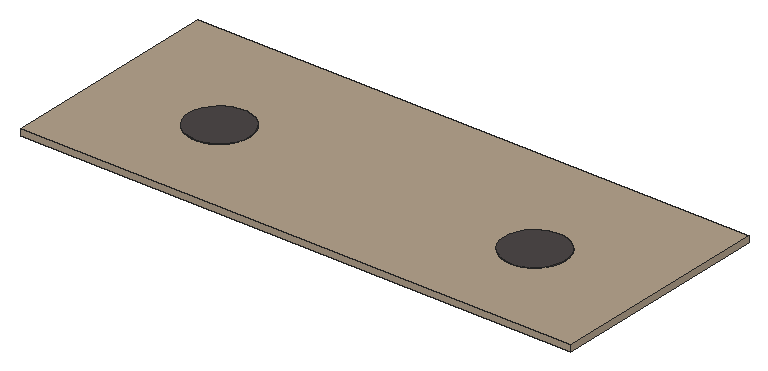
Revit family "console with 2 cutout for bowl without tap hole", category Furniture, Revit 2019
Family settings
  OmniClass Number = 23.21.19.15.33.13
  Work Plane-Based = No
  Always vertical = No
  Cut with Voids When Loaded = No
  Shared = Yes
  Room Calculation Point = No
Parameters (values of type "Console 1360_550 with 2 cutouts for bowl without tap hole-54118230-NATURAL_OAK-200")
  WEIGHT = "12"
  UNSPSC = "56 | Furniture and Furnishings"
  UNIFORMATII = "E2010 | Fixed Furnishings"
  UNICLASS2015 = "Pr_40_20_76_94 | Vanity units"
  SURFACE = "NATURAL_OAK"
  SPECIFICATION = "Surfaces:    - 54118050 High Gloss White  - 54118910 Diamond Matt Grey  - 54118230 Natural Oak  - 54118630 Dark Walnut      Specification:"
  REGIONSET = "Worldwide"
  R = 75
  PRODUCTURL = "https://pro.hansgrohe.com/articledetail--54118050"
  PRODUCTGROUP = "console"
  PRODUCTFAMILY = "Xelu Q"
  PERMALINK = "54118XXX"
  OMNICLASS = "23-19 31 17 11 | Bathroom Units"
  OBJECTTYPE = "Object (single object)"
  NN = "Console with 2 cutout for bowl without tap hole"
  NBSYN = "$BASENUMBER.-$ARTNR.-$SURFACE.-$LODLEVEL."
  NB = "Console 1360/550 with 2 cutouts for bowl without tap hole-54118230-NATURAL_OAK-200"
  NAME = "Xelu Q Console 1360/550 with 2 cutouts for bowl without tap hole"
  Model = "Console 1360/550 with 2 cutouts for bowl without tap hole-54118230-NATURAL_OAK-200"
  Manufacturer = "Hansgrohe"
  MIdent = "{$CADENAS_DATA/23d-libs/hansgrohe/xelu_furniture/console_with_cutout_for_bowl_without_tap_hole/console_with_2_cutout_for_bowl_without_taphole.prj},353 {VTYP=3D},{NB=Console 1360/550 with 2 cutouts for bowl without tap hole-54118230-NATURAL_OAK-200},{LINA=Console 1360/550 with 2 cutouts for bowl without tap hole-54118230-NATURAL_OAK-200},{NN=Console with 2 cutout for bowl without tap hole},{DATE=10.03.2023 08:15:32},{GEOMDATE=08.03.2023 13:15:05},{VERSION=},{LINEID=20},{WBVAR=LODLEVEL},{WBNUMERIC=}  {NB=Console 1360/550 with 2 cutouts for bowl without tap hole-54118230-NATURAL_OAK-200},{LINA=Console 1360/550 with 2 cutouts for bowl without tap hole-54118230-NATURAL_OAK-200},{KT=DUMMY},{IDNR=2},{ARTNR=54118230},{BASENUMBER=Console 1360/550 with 2 cutouts for bowl without tap hole},{MODEL=54118XXX},{SURFACE=NATURAL_OAK},{L=1360},{LODLEVEL=200},{LODLEVELX='400','400','200','200'},{R=75},{LC=390},{NAME=Xelu Q Console 1360/550 with 2 cutouts for bowl without tap hole},{PERMALINK=54118XXX},{OBJECTTYPE=Object (single object)},{BIMOBJECT=Sanitary: Compound units},{PRODUCTFAMILY=Xelu Q},{PRODUCTGROUP=console},{WEIGHT=12},{DESCRIPTION=Xelu Q Console 1360/550 with 2 cutouts for bowl without tap hole},{SPECIFICATION=Surfaces:    - 54118050 High Gloss White  - 54118910 Diamond Matt Grey  - 54118230 Natural Oak  - 54118630 Dark Walnut      Specification:},{PRODUCTURL=https://pro.hansgrohe.com/articledetail--54118050},{GTINCODE=4059625457733},{TENDERURL=},{IFC=Furnishing element},{ETIM=EC011381 | Bathroom furniture set},{UNICLASS2015=Pr_40_20_76_94 | Vanity units},{OMNICLASS=23-19 31 17 11 | Bathroom Units},{MASTERFORMAT=12 35 30.23 | Bathroom Casework},{UNSPSC=56 | Furniture and Furnishings},{UNIFORMATII=E2010 | Fixed Furnishings},{REGIONSET=Worldwide},{DESIGN=Germany},{MANUFACTURER=Germany}"
  MASTERFORMAT = "12 35 30.23 | Bathroom Casework"
  LODLEVEL = "200"
  LINA = "Console 1360/550 with 2 cutouts for bowl without tap hole-54118230-NATURAL_OAK-200"
  LC = 390
  L = 1360
  IFC = "Furnishing element"
  GTINCODE = "4059625457733"
  ETIM = "EC011381 | Bathroom furniture set"
  DESIGN = "Germany"
  Console 1560_550 with 2 cutouts for bowl without tap hole-54119910-DIAMOND_GREY-400_RX0RY0RZ0TX0TY0TZ0_V = no
  Console 1560_550 with 2 cutouts for bowl without tap hole-54119910-DIAMOND_GREY-200_RX0RY0RZ0TX0TY0TZ0_V = no
  Console 1560_550 with 2 cutouts for bowl without tap hole-54119630-DARK_WALNUT-400_RX0RY0RZ0TX0TY0TZ0_V = no
  Console 1560_550 with 2 cutouts for bowl without tap hole-54119630-DARK_WALNUT-200_RX0RY0RZ0TX0TY0TZ0_V = no
  Console 1560_550 with 2 cutouts for bowl without tap hole-54119230-NATURAL_OAK-400_RX0RY0RZ0TX0TY0TZ0_V = no
  Console 1560_550 with 2 cutouts for bowl without tap hole-54119230-NATURAL_OAK-200_RX0RY0RZ0TX0TY0TZ0_V = no
  Console 1560_550 with 2 cutouts for bowl without tap hole-54119050-GLOSSY_WHITE-400_RX0RY0RZ0TX0TY0TZ0_V = no
  Console 1560_550 with 2 cutouts for bowl without tap hole-54119050-GLOSSY_WHITE-200_RX0RY0RZ0TX0TY0TZ0_V = no
  Console 1360_550 with 2 cutouts for bowl without tap hole-54118910-DIAMOND_GREY-400_RX0RY0RZ0TX0TY0TZ0_V = no
  Console 1360_550 with 2 cutouts for bowl without tap hole-54118910-DIAMOND_GREY-200_RX0RY0RZ0TX0TY0TZ0_V = no
  Console 1360_550 with 2 cutouts for bowl without tap hole-54118630-DARK_WALNUT-400_RX0RY0RZ0TX0TY0TZ0_V = no
  Console 1360_550 with 2 cutouts for bowl without tap hole-54118630-DARK_WALNUT-200_RX0RY0RZ0TX0TY0TZ0_V = no
  Console 1360_550 with 2 cutouts for bowl without tap hole-54118230-NATURAL_OAK-400_RX0RY0RZ0TX0TY0TZ0_V = no
  Console 1360_550 with 2 cutouts for bowl without tap hole-54118230-NATURAL_OAK-200_RX0RY0RZ0TX0TY0TZ0_V = yes
  Console 1360_550 with 2 cutouts for bowl without tap hole-54118050-GLOSSY_WHITE-400_RX0RY0RZ0TX0TY0TZ0_V = no
  Console 1360_550 with 2 cutouts for bowl without tap hole-54118050-GLOSSY_WHITE-200_RX0RY0RZ0TX0TY0TZ0_V = no
  CATALOG = "Hansgrohe"
  BIMOBJECT = "Sanitary: Compound units"
  BASENUMBER = "Console 1360/550 with 2 cutouts for bowl without tap hole"
  ARTNR = "54118230"
Reference planes
  plane 1 "Center (Front/Back)": y = 0
  plane 2: z = 0
  plane 3 "Center (Left/Right)": x = 0
Dimensions and locks
  aligned and locked: level to plane 2
Nested families
  nested 1: "console 1360_550 with 2 cutouts for bowl without tap hole-54118050-glossy_white-200_content" at (0, 0, 0), visible <- "Console 1360_550 with 2 cutouts for bowl without tap hole-54118050-GLOSSY_WHITE-200_RX0RY0RZ0TX0TY0TZ0_V", ContentVisible <- "Console 1360_550 with 2 cutouts for bowl without tap hole-54118050-GLOSSY_WHITE-200_RX0RY0RZ0TX0TY0TZ0_V", type "Console 1360_550 with 2 cutouts for bowl without tap hole-54118050-GLOSSY_WHITE-200_Content"
    with ContentVisible no
  nested 2: "console 1360_550 with 2 cutouts for bowl without tap hole-54118050-glossy_white-400_content" at (0, 0, 0), visible <- "Console 1360_550 with 2 cutouts for bowl without tap hole-54118050-GLOSSY_WHITE-400_RX0RY0RZ0TX0TY0TZ0_V", ContentVisible <- "Console 1360_550 with 2 cutouts for bowl without tap hole-54118050-GLOSSY_WHITE-400_RX0RY0RZ0TX0TY0TZ0_V", type "Console 1360_550 with 2 cutouts for bowl without tap hole-54118050-GLOSSY_WHITE-400_Content"
    with ContentVisible no
  nested 3: "console 1360_550 with 2 cutouts for bowl without tap hole-54118230-natural_oak-200_content" at (0, 0, 0), visible <- "Console 1360_550 with 2 cutouts for bowl without tap hole-54118230-NATURAL_OAK-200_RX0RY0RZ0TX0TY0TZ0_V", ContentVisible <- "Console 1360_550 with 2 cutouts for bowl without tap hole-54118230-NATURAL_OAK-200_RX0RY0RZ0TX0TY0TZ0_V", type "Console 1360_550 with 2 cutouts for bowl without tap hole-54118230-NATURAL_OAK-200_Content"
    with ContentVisible yes
  nested 4: "console 1360_550 with 2 cutouts for bowl without tap hole-54118230-natural_oak-400_content" at (0, 0, 0), visible <- "Console 1360_550 with 2 cutouts for bowl without tap hole-54118230-NATURAL_OAK-400_RX0RY0RZ0TX0TY0TZ0_V", ContentVisible <- "Console 1360_550 with 2 cutouts for bowl without tap hole-54118230-NATURAL_OAK-400_RX0RY0RZ0TX0TY0TZ0_V", type "Console 1360_550 with 2 cutouts for bowl without tap hole-54118230-NATURAL_OAK-400_Content"
    with ContentVisible no
  nested 5: "console 1360_550 with 2 cutouts for bowl without tap hole-54118630-dark_walnut-200_content" at (0, 0, 0), visible <- "Console 1360_550 with 2 cutouts for bowl without tap hole-54118630-DARK_WALNUT-200_RX0RY0RZ0TX0TY0TZ0_V", ContentVisible <- "Console 1360_550 with 2 cutouts for bowl without tap hole-54118630-DARK_WALNUT-200_RX0RY0RZ0TX0TY0TZ0_V", type "Console 1360_550 with 2 cutouts for bowl without tap hole-54118630-DARK_WALNUT-200_Content"
    with ContentVisible no
  nested 6: "console 1360_550 with 2 cutouts for bowl without tap hole-54118630-dark_walnut-400_content" at (0, 0, 0), visible <- "Console 1360_550 with 2 cutouts for bowl without tap hole-54118630-DARK_WALNUT-400_RX0RY0RZ0TX0TY0TZ0_V", ContentVisible <- "Console 1360_550 with 2 cutouts for bowl without tap hole-54118630-DARK_WALNUT-400_RX0RY0RZ0TX0TY0TZ0_V", type "Console 1360_550 with 2 cutouts for bowl without tap hole-54118630-DARK_WALNUT-400_Content"
    with ContentVisible no
  nested 7: "console 1360_550 with 2 cutouts for bowl without tap hole-54118910-diamond_grey-200_content" at (0, 0, 0), visible <- "Console 1360_550 with 2 cutouts for bowl without tap hole-54118910-DIAMOND_GREY-200_RX0RY0RZ0TX0TY0TZ0_V", ContentVisible <- "Console 1360_550 with 2 cutouts for bowl without tap hole-54118910-DIAMOND_GREY-200_RX0RY0RZ0TX0TY0TZ0_V", type "Console 1360_550 with 2 cutouts for bowl without tap hole-54118910-DIAMOND_GREY-200_Content"
    with ContentVisible no
  nested 8: "console 1360_550 with 2 cutouts for bowl without tap hole-54118910-diamond_grey-400_content" at (0, 0, 0), visible <- "Console 1360_550 with 2 cutouts for bowl without tap hole-54118910-DIAMOND_GREY-400_RX0RY0RZ0TX0TY0TZ0_V", ContentVisible <- "Console 1360_550 with 2 cutouts for bowl without tap hole-54118910-DIAMOND_GREY-400_RX0RY0RZ0TX0TY0TZ0_V", type "Console 1360_550 with 2 cutouts for bowl without tap hole-54118910-DIAMOND_GREY-400_Content"
    with ContentVisible no
  nested 9: "console 1560_550 with 2 cutouts for bowl without tap hole-54119050-glossy_white-200_content" at (0, 0, 0), visible <- "Console 1560_550 with 2 cutouts for bowl without tap hole-54119050-GLOSSY_WHITE-200_RX0RY0RZ0TX0TY0TZ0_V", ContentVisible <- "Console 1560_550 with 2 cutouts for bowl without tap hole-54119050-GLOSSY_WHITE-200_RX0RY0RZ0TX0TY0TZ0_V", type "Console 1560_550 with 2 cutouts for bowl without tap hole-54119050-GLOSSY_WHITE-200_Content"
    with ContentVisible no
  nested 10: "console 1560_550 with 2 cutouts for bowl without tap hole-54119050-glossy_white-400_content" at (0, 0, 0), visible <- "Console 1560_550 with 2 cutouts for bowl without tap hole-54119050-GLOSSY_WHITE-400_RX0RY0RZ0TX0TY0TZ0_V", ContentVisible <- "Console 1560_550 with 2 cutouts for bowl without tap hole-54119050-GLOSSY_WHITE-400_RX0RY0RZ0TX0TY0TZ0_V", type "Console 1560_550 with 2 cutouts for bowl without tap hole-54119050-GLOSSY_WHITE-400_Content"
    with ContentVisible no
  nested 11: "console 1560_550 with 2 cutouts for bowl without tap hole-54119230-natural_oak-200_content" at (0, 0, 0), visible <- "Console 1560_550 with 2 cutouts for bowl without tap hole-54119230-NATURAL_OAK-200_RX0RY0RZ0TX0TY0TZ0_V", ContentVisible <- "Console 1560_550 with 2 cutouts for bowl without tap hole-54119230-NATURAL_OAK-200_RX0RY0RZ0TX0TY0TZ0_V", type "Console 1560_550 with 2 cutouts for bowl without tap hole-54119230-NATURAL_OAK-200_Content"
    with ContentVisible no
  nested 12: "console 1560_550 with 2 cutouts for bowl without tap hole-54119230-natural_oak-400_content" at (0, 0, 0), visible <- "Console 1560_550 with 2 cutouts for bowl without tap hole-54119230-NATURAL_OAK-400_RX0RY0RZ0TX0TY0TZ0_V", ContentVisible <- "Console 1560_550 with 2 cutouts for bowl without tap hole-54119230-NATURAL_OAK-400_RX0RY0RZ0TX0TY0TZ0_V", type "Console 1560_550 with 2 cutouts for bowl without tap hole-54119230-NATURAL_OAK-400_Content"
    with ContentVisible no
  nested 13: "console 1560_550 with 2 cutouts for bowl without tap hole-54119630-dark_walnut-200_content" at (0, 0, 0), visible <- "Console 1560_550 with 2 cutouts for bowl without tap hole-54119630-DARK_WALNUT-200_RX0RY0RZ0TX0TY0TZ0_V", ContentVisible <- "Console 1560_550 with 2 cutouts for bowl without tap hole-54119630-DARK_WALNUT-200_RX0RY0RZ0TX0TY0TZ0_V", type "Console 1560_550 with 2 cutouts for bowl without tap hole-54119630-DARK_WALNUT-200_Content"
    with ContentVisible no
  nested 14: "console 1560_550 with 2 cutouts for bowl without tap hole-54119630-dark_walnut-400_content" at (0, 0, 0), visible <- "Console 1560_550 with 2 cutouts for bowl without tap hole-54119630-DARK_WALNUT-400_RX0RY0RZ0TX0TY0TZ0_V", ContentVisible <- "Console 1560_550 with 2 cutouts for bowl without tap hole-54119630-DARK_WALNUT-400_RX0RY0RZ0TX0TY0TZ0_V", type "Console 1560_550 with 2 cutouts for bowl without tap hole-54119630-DARK_WALNUT-400_Content"
    with ContentVisible no
  nested 15: "console 1560_550 with 2 cutouts for bowl without tap hole-54119910-diamond_grey-200_content" at (0, 0, 0), visible <- "Console 1560_550 with 2 cutouts for bowl without tap hole-54119910-DIAMOND_GREY-200_RX0RY0RZ0TX0TY0TZ0_V", ContentVisible <- "Console 1560_550 with 2 cutouts for bowl without tap hole-54119910-DIAMOND_GREY-200_RX0RY0RZ0TX0TY0TZ0_V", type "Console 1560_550 with 2 cutouts for bowl without tap hole-54119910-DIAMOND_GREY-200_Content"
    with ContentVisible no
  nested 16: "console 1560_550 with 2 cutouts for bowl without tap hole-54119910-diamond_grey-400_content" at (0, 0, 0), visible <- "Console 1560_550 with 2 cutouts for bowl without tap hole-54119910-DIAMOND_GREY-400_RX0RY0RZ0TX0TY0TZ0_V", ContentVisible <- "Console 1560_550 with 2 cutouts for bowl without tap hole-54119910-DIAMOND_GREY-400_RX0RY0RZ0TX0TY0TZ0_V", type "Console 1560_550 with 2 cutouts for bowl without tap hole-54119910-DIAMOND_GREY-400_Content"
    with ContentVisible no
Definition of nested family "console 1360_550 with 2 cutouts for bowl without tap hole-54118230-natural_oak-200_content"
  Parameters (values of type "Console 1360_550 with 2 cutouts for bowl without tap hole-54118230-NATURAL_OAK-200_Content")
    WEIGHT = "12"
    UNSPSC = "56 | Furniture and Furnishings"
    UNIFORMATII = "E2010 | Fixed Furnishings"
    UNICLASS2015 = "Pr_40_20_76_94 | Vanity units"
    SURFACE = "NATURAL_OAK"
    SPECIFICATION = "Surfaces:    - 54118050 High Gloss White  - 54118910 Diamond Matt Grey  - 54118230 Natural Oak  - 54118630 Dark Walnut      Specification:"
    REGIONSET = "Worldwide"
    R = 75
    PRODUCTURL = "https://pro.hansgrohe.com/articledetail--54118050"
    PRODUCTGROUP = "console"
    PRODUCTFAMILY = "Xelu Q"
    PERMALINK = "54118XXX"
    OMNICLASS = "23-19 31 17 11 | Bathroom Units"
    OBJECTTYPE = "Object (single object)"
    NN = "Console with 2 cutout for bowl without tap hole"
    NBSYN = "$BASENUMBER.-$ARTNR.-$SURFACE.-$LODLEVEL."
    NB = "Console 1360/550 with 2 cutouts for bowl without tap hole-54118230-NATURAL_OAK-200"
    NAME = "Xelu Q Console 1360/550 with 2 cutouts for bowl without tap hole"
    Model = "Console 1360/550 with 2 cutouts for bowl without tap hole-54118230-NATURAL_OAK-200"
    Manufacturer = "Hansgrohe"
    MASTERFORMAT = "12 35 30.23 | Bathroom Casework"
    LODLEVEL = "200"
    LINA = "Console 1360/550 with 2 cutouts for bowl without tap hole-54118230-NATURAL_OAK-200"
    LC = 390
    L = 1360
    IFC = "Furnishing element"
    GTINCODE = "4059625457733"
    ETIM = "EC011381 | Bathroom furniture set"
    Default Elevation = 1219.2 mm
    DESIGN = "Germany"
    ContentVisible [instance] = yes
    CATALOG = "Hansgrohe"
    BIMOBJECT = "Sanitary: Compound units"
    BASENUMBER = "Console 1360/550 with 2 cutouts for bowl without tap hole"
    ARTNR = "54118230"
  Reference planes
    plane 1 "Center (Front/Back)": y = 0
    plane 2: z = 0
    plane 3 "Center (Left/Right)": x = 0
  Forms (mm)
    Extrusion 1, solid, visible <- "ContentVisible", detail levels medium+fine
      sketch origin (0, 0, 0.5) x (1, 0, 0) y (0, 1, 0)
        loop
          line (-680, 0) -> (-680, -550) -> (680, -550) -> (680, 0) -> (-680, 0)
      from 0 to 15
    Extrusion 2, solid, visible <- "ContentVisible", detail levels medium+fine
      sketch origin (0, 0, 0) x (1, 0, 0) y (0, 1, 0)
        loop
          circle (390, -297.5) r 75
      from 0 to 16
    Extrusion 3, solid, visible <- "ContentVisible", detail levels medium+fine
      sketch origin (0, 0, 0) x (1, 0, 0) y (0, 1, 0)
        loop
          circle (-390, -297.5) r 75
      from 0 to 16
    Extrusion 4, solid, visible <- "ContentVisible", detail levels coarse
      sketch origin (0, -275, 0) x (1, 0, 0) y (0, 1, 0)
        loop
          line (-680, -275) -> (680, -275) -> (680, 275) -> (-680, 275) -> (-680, -275)
      from 0 to 16
  Dimensions and locks
    aligned and locked: level to plane 2
Definition of nested family "console 1360_550 with 2 cutouts for bowl without tap hole-54118050-glossy_white-200_content"
  Parameters (values of type "Console 1360_550 with 2 cutouts for bowl without tap hole-54118050-GLOSSY_WHITE-200_Content")
    WEIGHT = "12"
    UNSPSC = "56 | Furniture and Furnishings"
    UNIFORMATII = "E2010 | Fixed Furnishings"
    UNICLASS2015 = "Pr_40_20_76_94 | Vanity units"
    SURFACE = "GLOSSY_WHITE"
    SPECIFICATION = "Surfaces:    - 54118050 High Gloss White  - 54118910 Diamond Matt Grey  - 54118230 Natural Oak  - 54118630 Dark Walnut      Specification:"
    REGIONSET = "Worldwide"
    R = 75
    PRODUCTURL = "https://pro.hansgrohe.com/articledetail--54118050"
    PRODUCTGROUP = "console"
    PRODUCTFAMILY = "Xelu Q"
    PERMALINK = "54118XXX"
    OMNICLASS = "23-19 31 17 11 | Bathroom Units"
    OBJECTTYPE = "Object (single object)"
    NN = "Console with 2 cutout for bowl without tap hole"
    NBSYN = "$BASENUMBER.-$ARTNR.-$SURFACE.-$LODLEVEL."
    NB = "Console 1360/550 with 2 cutouts for bowl without tap hole-54118050-GLOSSY_WHITE-200"
    NAME = "Xelu Q Console 1360/550 with 2 cutouts for bowl without tap hole"
    Model = "Console 1360/550 with 2 cutouts for bowl without tap hole-54118050-GLOSSY_WHITE-200"
    Manufacturer = "Hansgrohe"
    MASTERFORMAT = "12 35 30.23 | Bathroom Casework"
    LODLEVEL = "200"
    LINA = "Console 1360/550 with 2 cutouts for bowl without tap hole-54118050-GLOSSY_WHITE-200"
    LC = 390
    L = 1360
    IFC = "Furnishing element"
    GTINCODE = "4059625457733"
    ETIM = "EC011381 | Bathroom furniture set"
    Default Elevation = 1219.2 mm
    DESIGN = "Germany"
    ContentVisible [instance] = yes
    CATALOG = "Hansgrohe"
    BIMOBJECT = "Sanitary: Compound units"
    BASENUMBER = "Console 1360/550 with 2 cutouts for bowl without tap hole"
    ARTNR = "54118050"
  Reference planes
    plane 1 "Center (Front/Back)": y = 0
    plane 2: z = 0
    plane 3 "Center (Left/Right)": x = 0
  Forms (mm)
    Extrusion 1, solid, visible <- "ContentVisible", detail levels medium+fine
      sketch origin (0, 0, 0.5) x (1, 0, 0) y (0, 1, 0)
        loop
          line (-680, 0) -> (-680, -550) -> (680, -550) -> (680, 0) -> (-680, 0)
      from 0 to 15
    Extrusion 2, solid, visible <- "ContentVisible", detail levels medium+fine
      sketch origin (0, 0, 0) x (1, 0, 0) y (0, 1, 0)
        loop
          circle (390, -297.5) r 75
      from 0 to 16
    Extrusion 3, solid, visible <- "ContentVisible", detail levels medium+fine
      sketch origin (0, 0, 0) x (1, 0, 0) y (0, 1, 0)
        loop
          circle (-390, -297.5) r 75
      from 0 to 16
    Extrusion 4, solid, visible <- "ContentVisible", detail levels coarse
      sketch origin (0, -275, 0) x (1, 0, 0) y (0, 1, 0)
        loop
          line (-680, -275) -> (680, -275) -> (680, 275) -> (-680, 275) -> (-680, -275)
      from 0 to 16
  Dimensions and locks
    aligned and locked: level to plane 2
Definition of nested family "console 1360_550 with 2 cutouts for bowl without tap hole-54118050-glossy_white-400_content"
  Parameters (values of type "Console 1360_550 with 2 cutouts for bowl without tap hole-54118050-GLOSSY_WHITE-400_Content")
    WEIGHT = "12"
    UNSPSC = "56 | Furniture and Furnishings"
    UNIFORMATII = "E2010 | Fixed Furnishings"
    UNICLASS2015 = "Pr_40_20_76_94 | Vanity units"
    SURFACE = "GLOSSY_WHITE"
    SPECIFICATION = "Surfaces:    - 54118050 High Gloss White  - 54118910 Diamond Matt Grey  - 54118230 Natural Oak  - 54118630 Dark Walnut      Specification:"
    REGIONSET = "Worldwide"
    R = 75
    PRODUCTURL = "https://pro.hansgrohe.com/articledetail--54118050"
    PRODUCTGROUP = "console"
    PRODUCTFAMILY = "Xelu Q"
    PERMALINK = "54118XXX"
    OMNICLASS = "23-19 31 17 11 | Bathroom Units"
    OBJECTTYPE = "Object (single object)"
    NN = "Console with 2 cutout for bowl without tap hole"
    NBSYN = "$BASENUMBER.-$ARTNR.-$SURFACE.-$LODLEVEL."
    NB = "Console 1360/550 with 2 cutouts for bowl without tap hole-54118050-GLOSSY_WHITE-400"
    NAME = "Xelu Q Console 1360/550 with 2 cutouts for bowl without tap hole"
    Model = "Console 1360/550 with 2 cutouts for bowl without tap hole-54118050-GLOSSY_WHITE-400"
    Manufacturer = "Hansgrohe"
    MASTERFORMAT = "12 35 30.23 | Bathroom Casework"
    LODLEVEL = "400"
    LINA = "Console 1360/550 with 2 cutouts for bowl without tap hole-54118050-GLOSSY_WHITE-400"
    LC = 390
    L = 1360
    IFC = "Furnishing element"
    GTINCODE = "4059625457733"
    ETIM = "EC011381 | Bathroom furniture set"
    Default Elevation = 1219.2 mm
    DESIGN = "Germany"
    ContentVisible [instance] = yes
    CATALOG = "Hansgrohe"
    BIMOBJECT = "Sanitary: Compound units"
    BASENUMBER = "Console 1360/550 with 2 cutouts for bowl without tap hole"
    ARTNR = "54118050"
  Reference planes
    plane 1 "Center (Front/Back)": y = 0
    plane 2: z = 0
    plane 3 "Center (Left/Right)": x = 0
  Forms (mm)
    Extrusion 1, solid, visible <- "ContentVisible", detail levels medium+fine
      sketch origin (0, 0, 0) x (1, 0, 0) y (0, 1, 0)
        loop
          line (-680, 0) -> (-680, -297.5) -> (-562, -297.5) -> (-562, -260)
          arc (-562, -260) -> (-555, -253) -> (-548, -260) r 7
          line (-548, -260) -> (-548, -297.5) -> (-465, -297.5)
          arc (-465, -297.5) -> (-390, -222.5) -> (-315, -297.5) r 75
          line (-315, -297.5) -> (-232, -297.5) -> (-232, -260)
          arc (-232, -260) -> (-225, -253) -> (-218, -260) r 7
          line (-218, -260) -> (-218, -297.5) -> (218, -297.5) -> (218, -260)
          arc (218, -260) -> (225, -253) -> (232, -260) r 7
          line (232, -260) -> (232, -297.5) -> (315, -297.5)
          arc (315, -297.5) -> (390, -222.5) -> (465, -297.5) r 75
          line (465, -297.5) -> (548, -297.5) -> (548, -260)
          arc (548, -260) -> (555, -253) -> (562, -260) r 7
          line (562, -260) -> (562, -297.5) -> (680, -297.5) -> (680, 0) -> (-680, 0)
      from 0 to 16
    Extrusion 2, solid, visible <- "ContentVisible", detail levels medium+fine
      sketch origin (0, 0, 0) x (1, 0, 0) y (0, 1, 0)
        loop
          line (-680, -297.5) -> (-680, -532)
          arc (-680, -532) -> (-674.728, -544.728) -> (-662, -550) r 18
          line (-662, -550) -> (662, -550)
          arc (662, -550) -> (674.728, -544.728) -> (680, -532) r 18
          line (680, -532) -> (680, -297.5) -> (562, -297.5) -> (562, -335)
          arc (562, -335) -> (555, -342) -> (548, -335) r 7
          line (548, -335) -> (548, -297.5) -> (465, -297.5)
          arc (465, -297.5) -> (390, -372.5) -> (315, -297.5) r 75
          line (315, -297.5) -> (232, -297.5) -> (232, -335)
          arc (232, -335) -> (225, -342) -> (218, -335) r 7
          line (218, -335) -> (218, -297.5) -> (-218, -297.5) -> (-218, -335)
          arc (-218, -335) -> (-225, -342) -> (-232, -335) r 7
          line (-232, -335) -> (-232, -297.5) -> (-315, -297.5)
          arc (-315, -297.5) -> (-390, -372.5) -> (-465, -297.5) r 75
          line (-465, -297.5) -> (-548, -297.5) -> (-548, -335)
          arc (-548, -335) -> (-555, -342) -> (-562, -335) r 7
          line (-562, -335) -> (-562, -297.5) -> (-680, -297.5)
      from 0 to 16
    Extrusion 3, solid, visible <- "ContentVisible", detail levels coarse
      sketch origin (0, -275, 0) x (1, 0, 0) y (0, 1, 0)
        loop
          line (-680, -275) -> (680, -275) -> (680, 275) -> (-680, 275) -> (-680, -275)
      from 0 to 16
  Dimensions and locks
    aligned and locked: level to plane 2
Definition of nested family "console 1360_550 with 2 cutouts for bowl without tap hole-54118230-natural_oak-400_content"
  Parameters (values of type "Console 1360_550 with 2 cutouts for bowl without tap hole-54118230-NATURAL_OAK-400_Content")
    WEIGHT = "12"
    UNSPSC = "56 | Furniture and Furnishings"
    UNIFORMATII = "E2010 | Fixed Furnishings"
    UNICLASS2015 = "Pr_40_20_76_94 | Vanity units"
    SURFACE = "NATURAL_OAK"
    SPECIFICATION = "Surfaces:    - 54118050 High Gloss White  - 54118910 Diamond Matt Grey  - 54118230 Natural Oak  - 54118630 Dark Walnut      Specification:"
    REGIONSET = "Worldwide"
    R = 75
    PRODUCTURL = "https://pro.hansgrohe.com/articledetail--54118050"
    PRODUCTGROUP = "console"
    PRODUCTFAMILY = "Xelu Q"
    PERMALINK = "54118XXX"
    OMNICLASS = "23-19 31 17 11 | Bathroom Units"
    OBJECTTYPE = "Object (single object)"
    NN = "Console with 2 cutout for bowl without tap hole"
    NBSYN = "$BASENUMBER.-$ARTNR.-$SURFACE.-$LODLEVEL."
    NB = "Console 1360/550 with 2 cutouts for bowl without tap hole-54118230-NATURAL_OAK-400"
    NAME = "Xelu Q Console 1360/550 with 2 cutouts for bowl without tap hole"
    Model = "Console 1360/550 with 2 cutouts for bowl without tap hole-54118230-NATURAL_OAK-400"
    Manufacturer = "Hansgrohe"
    MASTERFORMAT = "12 35 30.23 | Bathroom Casework"
    LODLEVEL = "400"
    LINA = "Console 1360/550 with 2 cutouts for bowl without tap hole-54118230-NATURAL_OAK-400"
    LC = 390
    L = 1360
    IFC = "Furnishing element"
    GTINCODE = "4059625457733"
    ETIM = "EC011381 | Bathroom furniture set"
    Default Elevation = 1219.2 mm
    DESIGN = "Germany"
    ContentVisible [instance] = yes
    CATALOG = "Hansgrohe"
    BIMOBJECT = "Sanitary: Compound units"
    BASENUMBER = "Console 1360/550 with 2 cutouts for bowl without tap hole"
    ARTNR = "54118230"
  Reference planes
    plane 1 "Center (Front/Back)": y = 0
    plane 2: z = 0
    plane 3 "Center (Left/Right)": x = 0
  Forms (mm)
    Extrusion 1, solid, visible <- "ContentVisible", detail levels medium+fine
      sketch origin (0, 0, 0) x (1, 0, 0) y (0, 1, 0)
        loop
          line (-680, 0) -> (-680, -297.5) -> (-562, -297.5) -> (-562, -260)
          arc (-562, -260) -> (-555, -253) -> (-548, -260) r 7
          line (-548, -260) -> (-548, -297.5) -> (-465, -297.5)
          arc (-465, -297.5) -> (-390, -222.5) -> (-315, -297.5) r 75
          line (-315, -297.5) -> (-232, -297.5) -> (-232, -260)
          arc (-232, -260) -> (-225, -253) -> (-218, -260) r 7
          line (-218, -260) -> (-218, -297.5) -> (218, -297.5) -> (218, -260)
          arc (218, -260) -> (225, -253) -> (232, -260) r 7
          line (232, -260) -> (232, -297.5) -> (315, -297.5)
          arc (315, -297.5) -> (390, -222.5) -> (465, -297.5) r 75
          line (465, -297.5) -> (548, -297.5) -> (548, -260)
          arc (548, -260) -> (555, -253) -> (562, -260) r 7
          line (562, -260) -> (562, -297.5) -> (680, -297.5) -> (680, 0) -> (-680, 0)
      from 0 to 16
    Extrusion 2, solid, visible <- "ContentVisible", detail levels medium+fine
      sketch origin (0, 0, 0) x (1, 0, 0) y (0, 1, 0)
        loop
          line (-680, -297.5) -> (-680, -532)
          arc (-680, -532) -> (-674.728, -544.728) -> (-662, -550) r 18
          line (-662, -550) -> (662, -550)
          arc (662, -550) -> (674.728, -544.728) -> (680, -532) r 18
          line (680, -532) -> (680, -297.5) -> (562, -297.5) -> (562, -335)
          arc (562, -335) -> (555, -342) -> (548, -335) r 7
          line (548, -335) -> (548, -297.5) -> (465, -297.5)
          arc (465, -297.5) -> (390, -372.5) -> (315, -297.5) r 75
          line (315, -297.5) -> (232, -297.5) -> (232, -335)
          arc (232, -335) -> (225, -342) -> (218, -335) r 7
          line (218, -335) -> (218, -297.5) -> (-218, -297.5) -> (-218, -335)
          arc (-218, -335) -> (-225, -342) -> (-232, -335) r 7
          line (-232, -335) -> (-232, -297.5) -> (-315, -297.5)
          arc (-315, -297.5) -> (-390, -372.5) -> (-465, -297.5) r 75
          line (-465, -297.5) -> (-548, -297.5) -> (-548, -335)
          arc (-548, -335) -> (-555, -342) -> (-562, -335) r 7
          line (-562, -335) -> (-562, -297.5) -> (-680, -297.5)
      from 0 to 16
    Extrusion 3, solid, visible <- "ContentVisible", detail levels coarse
      sketch origin (0, -275, 0) x (1, 0, 0) y (0, 1, 0)
        loop
          line (-680, -275) -> (680, -275) -> (680, 275) -> (-680, 275) -> (-680, -275)
      from 0 to 16
  Dimensions and locks
    aligned and locked: level to plane 2
Definition of nested family "console 1360_550 with 2 cutouts for bowl without tap hole-54118630-dark_walnut-200_content"
  Parameters (values of type "Console 1360_550 with 2 cutouts for bowl without tap hole-54118630-DARK_WALNUT-200_Content")
    WEIGHT = "12"
    UNSPSC = "56 | Furniture and Furnishings"
    UNIFORMATII = "E2010 | Fixed Furnishings"
    UNICLASS2015 = "Pr_40_20_76_94 | Vanity units"
    SURFACE = "DARK_WALNUT"
    SPECIFICATION = "Surfaces:    - 54118050 High Gloss White  - 54118910 Diamond Matt Grey  - 54118230 Natural Oak  - 54118630 Dark Walnut      Specification:"
    REGIONSET = "Worldwide"
    R = 75
    PRODUCTURL = "https://pro.hansgrohe.com/articledetail--54118050"
    PRODUCTGROUP = "console"
    PRODUCTFAMILY = "Xelu Q"
    PERMALINK = "54118XXX"
    OMNICLASS = "23-19 31 17 11 | Bathroom Units"
    OBJECTTYPE = "Object (single object)"
    NN = "Console with 2 cutout for bowl without tap hole"
    NBSYN = "$BASENUMBER.-$ARTNR.-$SURFACE.-$LODLEVEL."
    NB = "Console 1360/550 with 2 cutouts for bowl without tap hole-54118630-DARK_WALNUT-200"
    NAME = "Xelu Q Console 1360/550 with 2 cutouts for bowl without tap hole"
    Model = "Console 1360/550 with 2 cutouts for bowl without tap hole-54118630-DARK_WALNUT-200"
    Manufacturer = "Hansgrohe"
    MASTERFORMAT = "12 35 30.23 | Bathroom Casework"
    LODLEVEL = "200"
    LINA = "Console 1360/550 with 2 cutouts for bowl without tap hole-54118630-DARK_WALNUT-200"
    LC = 390
    L = 1360
    IFC = "Furnishing element"
    GTINCODE = "4059625457733"
    ETIM = "EC011381 | Bathroom furniture set"
    Default Elevation = 1219.2 mm
    DESIGN = "Germany"
    ContentVisible [instance] = yes
    CATALOG = "Hansgrohe"
    BIMOBJECT = "Sanitary: Compound units"
    BASENUMBER = "Console 1360/550 with 2 cutouts for bowl without tap hole"
    ARTNR = "54118630"
  Reference planes
    plane 1 "Center (Front/Back)": y = 0
    plane 2: z = 0
    plane 3 "Center (Left/Right)": x = 0
  Forms (mm)
    Extrusion 1, solid, visible <- "ContentVisible", detail levels medium+fine
      sketch origin (0, 0, 0.5) x (1, 0, 0) y (0, 1, 0)
        loop
          line (-680, 0) -> (-680, -550) -> (680, -550) -> (680, 0) -> (-680, 0)
      from 0 to 15
    Extrusion 2, solid, visible <- "ContentVisible", detail levels medium+fine
      sketch origin (0, 0, 0) x (1, 0, 0) y (0, 1, 0)
        loop
          circle (390, -297.5) r 75
      from 0 to 16
    Extrusion 3, solid, visible <- "ContentVisible", detail levels medium+fine
      sketch origin (0, 0, 0) x (1, 0, 0) y (0, 1, 0)
        loop
          circle (-390, -297.5) r 75
      from 0 to 16
    Extrusion 4, solid, visible <- "ContentVisible", detail levels coarse
      sketch origin (0, -275, 0) x (1, 0, 0) y (0, 1, 0)
        loop
          line (-680, -275) -> (680, -275) -> (680, 275) -> (-680, 275) -> (-680, -275)
      from 0 to 16
  Dimensions and locks
    aligned and locked: level to plane 2
Definition of nested family "console 1360_550 with 2 cutouts for bowl without tap hole-54118630-dark_walnut-400_content"
  Parameters (values of type "Console 1360_550 with 2 cutouts for bowl without tap hole-54118630-DARK_WALNUT-400_Content")
    WEIGHT = "12"
    UNSPSC = "56 | Furniture and Furnishings"
    UNIFORMATII = "E2010 | Fixed Furnishings"
    UNICLASS2015 = "Pr_40_20_76_94 | Vanity units"
    SURFACE = "DARK_WALNUT"
    SPECIFICATION = "Surfaces:    - 54118050 High Gloss White  - 54118910 Diamond Matt Grey  - 54118230 Natural Oak  - 54118630 Dark Walnut      Specification:"
    REGIONSET = "Worldwide"
    R = 75
    PRODUCTURL = "https://pro.hansgrohe.com/articledetail--54118050"
    PRODUCTGROUP = "console"
    PRODUCTFAMILY = "Xelu Q"
    PERMALINK = "54118XXX"
    OMNICLASS = "23-19 31 17 11 | Bathroom Units"
    OBJECTTYPE = "Object (single object)"
    NN = "Console with 2 cutout for bowl without tap hole"
    NBSYN = "$BASENUMBER.-$ARTNR.-$SURFACE.-$LODLEVEL."
    NB = "Console 1360/550 with 2 cutouts for bowl without tap hole-54118630-DARK_WALNUT-400"
    NAME = "Xelu Q Console 1360/550 with 2 cutouts for bowl without tap hole"
    Model = "Console 1360/550 with 2 cutouts for bowl without tap hole-54118630-DARK_WALNUT-400"
    Manufacturer = "Hansgrohe"
    MASTERFORMAT = "12 35 30.23 | Bathroom Casework"
    LODLEVEL = "400"
    LINA = "Console 1360/550 with 2 cutouts for bowl without tap hole-54118630-DARK_WALNUT-400"
    LC = 390
    L = 1360
    IFC = "Furnishing element"
    GTINCODE = "4059625457733"
    ETIM = "EC011381 | Bathroom furniture set"
    Default Elevation = 1219.2 mm
    DESIGN = "Germany"
    ContentVisible [instance] = yes
    CATALOG = "Hansgrohe"
    BIMOBJECT = "Sanitary: Compound units"
    BASENUMBER = "Console 1360/550 with 2 cutouts for bowl without tap hole"
    ARTNR = "54118630"
  Reference planes
    plane 1 "Center (Front/Back)": y = 0
    plane 2: z = 0
    plane 3 "Center (Left/Right)": x = 0
  Forms (mm)
    Extrusion 1, solid, visible <- "ContentVisible", detail levels medium+fine
      sketch origin (0, 0, 0) x (1, 0, 0) y (0, 1, 0)
        loop
          line (-680, 0) -> (-680, -297.5) -> (-562, -297.5) -> (-562, -260)
          arc (-562, -260) -> (-555, -253) -> (-548, -260) r 7
          line (-548, -260) -> (-548, -297.5) -> (-465, -297.5)
          arc (-465, -297.5) -> (-390, -222.5) -> (-315, -297.5) r 75
          line (-315, -297.5) -> (-232, -297.5) -> (-232, -260)
          arc (-232, -260) -> (-225, -253) -> (-218, -260) r 7
          line (-218, -260) -> (-218, -297.5) -> (218, -297.5) -> (218, -260)
          arc (218, -260) -> (225, -253) -> (232, -260) r 7
          line (232, -260) -> (232, -297.5) -> (315, -297.5)
          arc (315, -297.5) -> (390, -222.5) -> (465, -297.5) r 75
          line (465, -297.5) -> (548, -297.5) -> (548, -260)
          arc (548, -260) -> (555, -253) -> (562, -260) r 7
          line (562, -260) -> (562, -297.5) -> (680, -297.5) -> (680, 0) -> (-680, 0)
      from 0 to 16
    Extrusion 2, solid, visible <- "ContentVisible", detail levels medium+fine
      sketch origin (0, 0, 0) x (1, 0, 0) y (0, 1, 0)
        loop
          line (-680, -297.5) -> (-680, -532)
          arc (-680, -532) -> (-674.728, -544.728) -> (-662, -550) r 18
          line (-662, -550) -> (662, -550)
          arc (662, -550) -> (674.728, -544.728) -> (680, -532) r 18
          line (680, -532) -> (680, -297.5) -> (562, -297.5) -> (562, -335)
          arc (562, -335) -> (555, -342) -> (548, -335) r 7
          line (548, -335) -> (548, -297.5) -> (465, -297.5)
          arc (465, -297.5) -> (390, -372.5) -> (315, -297.5) r 75
          line (315, -297.5) -> (232, -297.5) -> (232, -335)
          arc (232, -335) -> (225, -342) -> (218, -335) r 7
          line (218, -335) -> (218, -297.5) -> (-218, -297.5) -> (-218, -335)
          arc (-218, -335) -> (-225, -342) -> (-232, -335) r 7
          line (-232, -335) -> (-232, -297.5) -> (-315, -297.5)
          arc (-315, -297.5) -> (-390, -372.5) -> (-465, -297.5) r 75
          line (-465, -297.5) -> (-548, -297.5) -> (-548, -335)
          arc (-548, -335) -> (-555, -342) -> (-562, -335) r 7
          line (-562, -335) -> (-562, -297.5) -> (-680, -297.5)
      from 0 to 16
    Extrusion 3, solid, visible <- "ContentVisible", detail levels coarse
      sketch origin (0, -275, 0) x (1, 0, 0) y (0, 1, 0)
        loop
          line (-680, -275) -> (680, -275) -> (680, 275) -> (-680, 275) -> (-680, -275)
      from 0 to 16
  Dimensions and locks
    aligned and locked: level to plane 2
Definition of nested family "console 1360_550 with 2 cutouts for bowl without tap hole-54118910-diamond_grey-200_content"
  Parameters (values of type "Console 1360_550 with 2 cutouts for bowl without tap hole-54118910-DIAMOND_GREY-200_Content")
    WEIGHT = "12"
    UNSPSC = "56 | Furniture and Furnishings"
    UNIFORMATII = "E2010 | Fixed Furnishings"
    UNICLASS2015 = "Pr_40_20_76_94 | Vanity units"
    SURFACE = "DIAMOND_GREY"
    SPECIFICATION = "Surfaces:    - 54118050 High Gloss White  - 54118910 Diamond Matt Grey  - 54118230 Natural Oak  - 54118630 Dark Walnut      Specification:"
    REGIONSET = "Worldwide"
    R = 75
    PRODUCTURL = "https://pro.hansgrohe.com/articledetail--54118050"
    PRODUCTGROUP = "console"
    PRODUCTFAMILY = "Xelu Q"
    PERMALINK = "54118XXX"
    OMNICLASS = "23-19 31 17 11 | Bathroom Units"
    OBJECTTYPE = "Object (single object)"
    NN = "Console with 2 cutout for bowl without tap hole"
    NBSYN = "$BASENUMBER.-$ARTNR.-$SURFACE.-$LODLEVEL."
    NB = "Console 1360/550 with 2 cutouts for bowl without tap hole-54118910-DIAMOND_GREY-200"
    NAME = "Xelu Q Console 1360/550 with 2 cutouts for bowl without tap hole"
    Model = "Console 1360/550 with 2 cutouts for bowl without tap hole-54118910-DIAMOND_GREY-200"
    Manufacturer = "Hansgrohe"
    MASTERFORMAT = "12 35 30.23 | Bathroom Casework"
    LODLEVEL = "200"
    LINA = "Console 1360/550 with 2 cutouts for bowl without tap hole-54118910-DIAMOND_GREY-200"
    LC = 390
    L = 1360
    IFC = "Furnishing element"
    GTINCODE = "4059625457733"
    ETIM = "EC011381 | Bathroom furniture set"
    Default Elevation = 1219.2 mm
    DESIGN = "Germany"
    ContentVisible [instance] = yes
    CATALOG = "Hansgrohe"
    BIMOBJECT = "Sanitary: Compound units"
    BASENUMBER = "Console 1360/550 with 2 cutouts for bowl without tap hole"
    ARTNR = "54118910"
  Reference planes
    plane 1 "Center (Front/Back)": y = 0
    plane 2: z = 0
    plane 3 "Center (Left/Right)": x = 0
  Forms (mm)
    Extrusion 1, solid, visible <- "ContentVisible", detail levels medium+fine
      sketch origin (0, 0, 0.5) x (1, 0, 0) y (0, 1, 0)
        loop
          line (-680, 0) -> (-680, -550) -> (680, -550) -> (680, 0) -> (-680, 0)
      from 0 to 15
    Extrusion 2, solid, visible <- "ContentVisible", detail levels medium+fine
      sketch origin (0, 0, 0) x (1, 0, 0) y (0, 1, 0)
        loop
          circle (390, -297.5) r 75
      from 0 to 16
    Extrusion 3, solid, visible <- "ContentVisible", detail levels medium+fine
      sketch origin (0, 0, 0) x (1, 0, 0) y (0, 1, 0)
        loop
          circle (-390, -297.5) r 75
      from 0 to 16
    Extrusion 4, solid, visible <- "ContentVisible", detail levels coarse
      sketch origin (0, -275, 0) x (1, 0, 0) y (0, 1, 0)
        loop
          line (-680, -275) -> (680, -275) -> (680, 275) -> (-680, 275) -> (-680, -275)
      from 0 to 16
  Dimensions and locks
    aligned and locked: level to plane 2
Definition of nested family "console 1360_550 with 2 cutouts for bowl without tap hole-54118910-diamond_grey-400_content"
  Parameters (values of type "Console 1360_550 with 2 cutouts for bowl without tap hole-54118910-DIAMOND_GREY-400_Content")
    WEIGHT = "12"
    UNSPSC = "56 | Furniture and Furnishings"
    UNIFORMATII = "E2010 | Fixed Furnishings"
    UNICLASS2015 = "Pr_40_20_76_94 | Vanity units"
    SURFACE = "DIAMOND_GREY"
    SPECIFICATION = "Surfaces:    - 54118050 High Gloss White  - 54118910 Diamond Matt Grey  - 54118230 Natural Oak  - 54118630 Dark Walnut      Specification:"
    REGIONSET = "Worldwide"
    R = 75
    PRODUCTURL = "https://pro.hansgrohe.com/articledetail--54118050"
    PRODUCTGROUP = "console"
    PRODUCTFAMILY = "Xelu Q"
    PERMALINK = "54118XXX"
    OMNICLASS = "23-19 31 17 11 | Bathroom Units"
    OBJECTTYPE = "Object (single object)"
    NN = "Console with 2 cutout for bowl without tap hole"
    NBSYN = "$BASENUMBER.-$ARTNR.-$SURFACE.-$LODLEVEL."
    NB = "Console 1360/550 with 2 cutouts for bowl without tap hole-54118910-DIAMOND_GREY-400"
    NAME = "Xelu Q Console 1360/550 with 2 cutouts for bowl without tap hole"
    Model = "Console 1360/550 with 2 cutouts for bowl without tap hole-54118910-DIAMOND_GREY-400"
    Manufacturer = "Hansgrohe"
    MASTERFORMAT = "12 35 30.23 | Bathroom Casework"
    LODLEVEL = "400"
    LINA = "Console 1360/550 with 2 cutouts for bowl without tap hole-54118910-DIAMOND_GREY-400"
    LC = 390
    L = 1360
    IFC = "Furnishing element"
    GTINCODE = "4059625457733"
    ETIM = "EC011381 | Bathroom furniture set"
    Default Elevation = 1219.2 mm
    DESIGN = "Germany"
    ContentVisible [instance] = yes
    CATALOG = "Hansgrohe"
    BIMOBJECT = "Sanitary: Compound units"
    BASENUMBER = "Console 1360/550 with 2 cutouts for bowl without tap hole"
    ARTNR = "54118910"
  Reference planes
    plane 1 "Center (Front/Back)": y = 0
    plane 2: z = 0
    plane 3 "Center (Left/Right)": x = 0
  Forms (mm)
    Extrusion 1, solid, visible <- "ContentVisible", detail levels medium+fine
      sketch origin (0, 0, 0) x (1, 0, 0) y (0, 1, 0)
        loop
          line (-680, 0) -> (-680, -297.5) -> (-562, -297.5) -> (-562, -260)
          arc (-562, -260) -> (-555, -253) -> (-548, -260) r 7
          line (-548, -260) -> (-548, -297.5) -> (-465, -297.5)
          arc (-465, -297.5) -> (-390, -222.5) -> (-315, -297.5) r 75
          line (-315, -297.5) -> (-232, -297.5) -> (-232, -260)
          arc (-232, -260) -> (-225, -253) -> (-218, -260) r 7
          line (-218, -260) -> (-218, -297.5) -> (218, -297.5) -> (218, -260)
          arc (218, -260) -> (225, -253) -> (232, -260) r 7
          line (232, -260) -> (232, -297.5) -> (315, -297.5)
          arc (315, -297.5) -> (390, -222.5) -> (465, -297.5) r 75
          line (465, -297.5) -> (548, -297.5) -> (548, -260)
          arc (548, -260) -> (555, -253) -> (562, -260) r 7
          line (562, -260) -> (562, -297.5) -> (680, -297.5) -> (680, 0) -> (-680, 0)
      from 0 to 16
    Extrusion 2, solid, visible <- "ContentVisible", detail levels medium+fine
      sketch origin (0, 0, 0) x (1, 0, 0) y (0, 1, 0)
        loop
          line (-680, -297.5) -> (-680, -532)
          arc (-680, -532) -> (-674.728, -544.728) -> (-662, -550) r 18
          line (-662, -550) -> (662, -550)
          arc (662, -550) -> (674.728, -544.728) -> (680, -532) r 18
          line (680, -532) -> (680, -297.5) -> (562, -297.5) -> (562, -335)
          arc (562, -335) -> (555, -342) -> (548, -335) r 7
          line (548, -335) -> (548, -297.5) -> (465, -297.5)
          arc (465, -297.5) -> (390, -372.5) -> (315, -297.5) r 75
          line (315, -297.5) -> (232, -297.5) -> (232, -335)
          arc (232, -335) -> (225, -342) -> (218, -335) r 7
          line (218, -335) -> (218, -297.5) -> (-218, -297.5) -> (-218, -335)
          arc (-218, -335) -> (-225, -342) -> (-232, -335) r 7
          line (-232, -335) -> (-232, -297.5) -> (-315, -297.5)
          arc (-315, -297.5) -> (-390, -372.5) -> (-465, -297.5) r 75
          line (-465, -297.5) -> (-548, -297.5) -> (-548, -335)
          arc (-548, -335) -> (-555, -342) -> (-562, -335) r 7
          line (-562, -335) -> (-562, -297.5) -> (-680, -297.5)
      from 0 to 16
    Extrusion 3, solid, visible <- "ContentVisible", detail levels coarse
      sketch origin (0, -275, 0) x (1, 0, 0) y (0, 1, 0)
        loop
          line (-680, -275) -> (680, -275) -> (680, 275) -> (-680, 275) -> (-680, -275)
      from 0 to 16
  Dimensions and locks
    aligned and locked: level to plane 2
Definition of nested family "console 1560_550 with 2 cutouts for bowl without tap hole-54119050-glossy_white-200_content"
  Parameters (values of type "Console 1560_550 with 2 cutouts for bowl without tap hole-54119050-GLOSSY_WHITE-200_Content")
    WEIGHT = "13.3"
    UNSPSC = "56 | Furniture and Furnishings"
    UNIFORMATII = "E2010 | Fixed Furnishings"
    UNICLASS2015 = "Pr_40_20_76_94 | Vanity units"
    SURFACE = "GLOSSY_WHITE"
    SPECIFICATION = "Surfaces:    - 54119050 High Gloss White  - 54119910 Diamond Matt Grey  - 54119230 Natural Oak  - 54119630 Dark Walnut      Specification:"
    REGIONSET = "Worldwide"
    R = 75
    PRODUCTURL = "https://pro.hansgrohe.com/articledetail--54119050"
    PRODUCTGROUP = "console"
    PRODUCTFAMILY = "Xelu Q"
    PERMALINK = "54119XXX"
    OMNICLASS = "23-19 31 17 11 | Bathroom Units"
    OBJECTTYPE = "Object (single object)"
    NN = "Console with 2 cutout for bowl without tap hole"
    NBSYN = "$BASENUMBER.-$ARTNR.-$SURFACE.-$LODLEVEL."
    NB = "Console 1560/550 with 2 cutouts for bowl without tap hole-54119050-GLOSSY_WHITE-200"
    NAME = "Xelu Q Console 1560/550 with 2 cutouts for bowl without tap hole"
    Model = "Console 1560/550 with 2 cutouts for bowl without tap hole-54119050-GLOSSY_WHITE-200"
    Manufacturer = "Hansgrohe"
    MASTERFORMAT = "12 35 30.23 | Bathroom Casework"
    LODLEVEL = "200"
    LINA = "Console 1560/550 with 2 cutouts for bowl without tap hole-54119050-GLOSSY_WHITE-200"
    LC = 490
    L = 1560
    IFC = "Furnishing element"
    GTINCODE = "4059625457696"
    ETIM = "EC011381 | Bathroom furniture set"
    Default Elevation = 1219.2 mm
    DESIGN = "Germany"
    ContentVisible [instance] = yes
    CATALOG = "Hansgrohe"
    BIMOBJECT = "Sanitary: Compound units"
    BASENUMBER = "Console 1560/550 with 2 cutouts for bowl without tap hole"
    ARTNR = "54119050"
  Reference planes
    plane 1 "Center (Front/Back)": y = 0
    plane 2: z = 0
    plane 3 "Center (Left/Right)": x = 0
  Forms (mm)
    Extrusion 1, solid, visible <- "ContentVisible", detail levels medium+fine
      sketch origin (0, 0, 0.5) x (1, 0, 0) y (0, 1, 0)
        loop
          line (-780, 0) -> (-780, -550) -> (780, -550) -> (780, 0) -> (-780, 0)
      from 0 to 15
    Extrusion 2, solid, visible <- "ContentVisible", detail levels medium+fine
      sketch origin (0, 0, 0) x (1, 0, 0) y (0, 1, 0)
        loop
          circle (490, -297.5) r 75
      from 0 to 16
    Extrusion 3, solid, visible <- "ContentVisible", detail levels medium+fine
      sketch origin (0, 0, 0) x (1, 0, 0) y (0, 1, 0)
        loop
          circle (-490, -297.5) r 75
      from 0 to 16
    Extrusion 4, solid, visible <- "ContentVisible", detail levels coarse
      sketch origin (0, -275, 0) x (1, 0, 0) y (0, 1, 0)
        loop
          line (-780, -275) -> (780, -275) -> (780, 275) -> (-780, 275) -> (-780, -275)
      from 0 to 16
  Dimensions and locks
    aligned and locked: level to plane 2
Definition of nested family "console 1560_550 with 2 cutouts for bowl without tap hole-54119050-glossy_white-400_content"
  Parameters (values of type "Console 1560_550 with 2 cutouts for bowl without tap hole-54119050-GLOSSY_WHITE-400_Content")
    WEIGHT = "13.3"
    UNSPSC = "56 | Furniture and Furnishings"
    UNIFORMATII = "E2010 | Fixed Furnishings"
    UNICLASS2015 = "Pr_40_20_76_94 | Vanity units"
    SURFACE = "GLOSSY_WHITE"
    SPECIFICATION = "Surfaces:    - 54119050 High Gloss White  - 54119910 Diamond Matt Grey  - 54119230 Natural Oak  - 54119630 Dark Walnut      Specification:"
    REGIONSET = "Worldwide"
    R = 75
    PRODUCTURL = "https://pro.hansgrohe.com/articledetail--54119050"
    PRODUCTGROUP = "console"
    PRODUCTFAMILY = "Xelu Q"
    PERMALINK = "54119XXX"
    OMNICLASS = "23-19 31 17 11 | Bathroom Units"
    OBJECTTYPE = "Object (single object)"
    NN = "Console with 2 cutout for bowl without tap hole"
    NBSYN = "$BASENUMBER.-$ARTNR.-$SURFACE.-$LODLEVEL."
    NB = "Console 1560/550 with 2 cutouts for bowl without tap hole-54119050-GLOSSY_WHITE-400"
    NAME = "Xelu Q Console 1560/550 with 2 cutouts for bowl without tap hole"
    Model = "Console 1560/550 with 2 cutouts for bowl without tap hole-54119050-GLOSSY_WHITE-400"
    Manufacturer = "Hansgrohe"
    MASTERFORMAT = "12 35 30.23 | Bathroom Casework"
    LODLEVEL = "400"
    LINA = "Console 1560/550 with 2 cutouts for bowl without tap hole-54119050-GLOSSY_WHITE-400"
    LC = 490
    L = 1560
    IFC = "Furnishing element"
    GTINCODE = "4059625457696"
    ETIM = "EC011381 | Bathroom furniture set"
    Default Elevation = 1219.2 mm
    DESIGN = "Germany"
    ContentVisible [instance] = yes
    CATALOG = "Hansgrohe"
    BIMOBJECT = "Sanitary: Compound units"
    BASENUMBER = "Console 1560/550 with 2 cutouts for bowl without tap hole"
    ARTNR = "54119050"
  Reference planes
    plane 1 "Center (Front/Back)": y = 0
    plane 2: z = 0
    plane 3 "Center (Left/Right)": x = 0
  Forms (mm)
    Extrusion 1, solid, visible <- "ContentVisible", detail levels medium+fine
      sketch origin (0, 0, 0) x (1, 0, 0) y (0, 1, 0)
        loop
          line (-780, 0) -> (-780, -297.5) -> (-662, -297.5) -> (-662, -260)
          arc (-662, -260) -> (-655, -253) -> (-648, -260) r 7
          line (-648, -260) -> (-648, -297.5) -> (-565, -297.5)
          arc (-565, -297.5) -> (-490, -222.5) -> (-415, -297.5) r 75
          line (-415, -297.5) -> (-332, -297.5) -> (-332, -260)
          arc (-332, -260) -> (-325, -253) -> (-318, -260) r 7
          line (-318, -260) -> (-318, -297.5) -> (318, -297.5) -> (318, -260)
          arc (318, -260) -> (325, -253) -> (332, -260) r 7
          line (332, -260) -> (332, -297.5) -> (415, -297.5)
          arc (415, -297.5) -> (490, -222.5) -> (565, -297.5) r 75
          line (565, -297.5) -> (648, -297.5) -> (648, -260)
          arc (648, -260) -> (655, -253) -> (662, -260) r 7
          line (662, -260) -> (662, -297.5) -> (780, -297.5) -> (780, 0) -> (-780, 0)
      from 0 to 16
    Extrusion 2, solid, visible <- "ContentVisible", detail levels medium+fine
      sketch origin (0, 0, 0) x (1, 0, 0) y (0, 1, 0)
        loop
          line (-780, -297.5) -> (-780, -532)
          arc (-780, -532) -> (-774.728, -544.728) -> (-762, -550) r 18
          line (-762, -550) -> (762, -550)
          arc (762, -550) -> (774.728, -544.728) -> (780, -532) r 18
          line (780, -532) -> (780, -297.5) -> (662, -297.5) -> (662, -335)
          arc (662, -335) -> (655, -342) -> (648, -335) r 7
          line (648, -335) -> (648, -297.5) -> (565, -297.5)
          arc (565, -297.5) -> (490, -372.5) -> (415, -297.5) r 75
          line (415, -297.5) -> (332, -297.5) -> (332, -335)
          arc (332, -335) -> (325, -342) -> (318, -335) r 7
          line (318, -335) -> (318, -297.5) -> (-318, -297.5) -> (-318, -335)
          arc (-318, -335) -> (-325, -342) -> (-332, -335) r 7
          line (-332, -335) -> (-332, -297.5) -> (-415, -297.5)
          arc (-415, -297.5) -> (-490, -372.5) -> (-565, -297.5) r 75
          line (-565, -297.5) -> (-648, -297.5) -> (-648, -335)
          arc (-648, -335) -> (-655, -342) -> (-662, -335) r 7
          line (-662, -335) -> (-662, -297.5) -> (-780, -297.5)
      from 0 to 16
    Extrusion 3, solid, visible <- "ContentVisible", detail levels coarse
      sketch origin (0, -275, 0) x (1, 0, 0) y (0, 1, 0)
        loop
          line (-780, -275) -> (780, -275) -> (780, 275) -> (-780, 275) -> (-780, -275)
      from 0 to 16
  Dimensions and locks
    aligned and locked: level to plane 2
Definition of nested family "console 1560_550 with 2 cutouts for bowl without tap hole-54119230-natural_oak-200_content"
  Parameters (values of type "Console 1560_550 with 2 cutouts for bowl without tap hole-54119230-NATURAL_OAK-200_Content")
    WEIGHT = "13.3"
    UNSPSC = "56 | Furniture and Furnishings"
    UNIFORMATII = "E2010 | Fixed Furnishings"
    UNICLASS2015 = "Pr_40_20_76_94 | Vanity units"
    SURFACE = "NATURAL_OAK"
    SPECIFICATION = "Surfaces:    - 54119050 High Gloss White  - 54119910 Diamond Matt Grey  - 54119230 Natural Oak  - 54119630 Dark Walnut      Specification:"
    REGIONSET = "Worldwide"
    R = 75
    PRODUCTURL = "https://pro.hansgrohe.com/articledetail--54119050"
    PRODUCTGROUP = "console"
    PRODUCTFAMILY = "Xelu Q"
    PERMALINK = "54119XXX"
    OMNICLASS = "23-19 31 17 11 | Bathroom Units"
    OBJECTTYPE = "Object (single object)"
    NN = "Console with 2 cutout for bowl without tap hole"
    NBSYN = "$BASENUMBER.-$ARTNR.-$SURFACE.-$LODLEVEL."
    NB = "Console 1560/550 with 2 cutouts for bowl without tap hole-54119230-NATURAL_OAK-200"
    NAME = "Xelu Q Console 1560/550 with 2 cutouts for bowl without tap hole"
    Model = "Console 1560/550 with 2 cutouts for bowl without tap hole-54119230-NATURAL_OAK-200"
    Manufacturer = "Hansgrohe"
    MASTERFORMAT = "12 35 30.23 | Bathroom Casework"
    LODLEVEL = "200"
    LINA = "Console 1560/550 with 2 cutouts for bowl without tap hole-54119230-NATURAL_OAK-200"
    LC = 490
    L = 1560
    IFC = "Furnishing element"
    GTINCODE = "4059625457696"
    ETIM = "EC011381 | Bathroom furniture set"
    Default Elevation = 1219.2 mm
    DESIGN = "Germany"
    ContentVisible [instance] = yes
    CATALOG = "Hansgrohe"
    BIMOBJECT = "Sanitary: Compound units"
    BASENUMBER = "Console 1560/550 with 2 cutouts for bowl without tap hole"
    ARTNR = "54119230"
  Reference planes
    plane 1 "Center (Front/Back)": y = 0
    plane 2: z = 0
    plane 3 "Center (Left/Right)": x = 0
  Forms (mm)
    Extrusion 1, solid, visible <- "ContentVisible", detail levels medium+fine
      sketch origin (0, 0, 0.5) x (1, 0, 0) y (0, 1, 0)
        loop
          line (-780, 0) -> (-780, -550) -> (780, -550) -> (780, 0) -> (-780, 0)
      from 0 to 15
    Extrusion 2, solid, visible <- "ContentVisible", detail levels medium+fine
      sketch origin (0, 0, 0) x (1, 0, 0) y (0, 1, 0)
        loop
          circle (490, -297.5) r 75
      from 0 to 16
    Extrusion 3, solid, visible <- "ContentVisible", detail levels medium+fine
      sketch origin (0, 0, 0) x (1, 0, 0) y (0, 1, 0)
        loop
          circle (-490, -297.5) r 75
      from 0 to 16
    Extrusion 4, solid, visible <- "ContentVisible", detail levels coarse
      sketch origin (0, -275, 0) x (1, 0, 0) y (0, 1, 0)
        loop
          line (-780, -275) -> (780, -275) -> (780, 275) -> (-780, 275) -> (-780, -275)
      from 0 to 16
  Dimensions and locks
    aligned and locked: level to plane 2
Definition of nested family "console 1560_550 with 2 cutouts for bowl without tap hole-54119230-natural_oak-400_content"
  Parameters (values of type "Console 1560_550 with 2 cutouts for bowl without tap hole-54119230-NATURAL_OAK-400_Content")
    WEIGHT = "13.3"
    UNSPSC = "56 | Furniture and Furnishings"
    UNIFORMATII = "E2010 | Fixed Furnishings"
    UNICLASS2015 = "Pr_40_20_76_94 | Vanity units"
    SURFACE = "NATURAL_OAK"
    SPECIFICATION = "Surfaces:    - 54119050 High Gloss White  - 54119910 Diamond Matt Grey  - 54119230 Natural Oak  - 54119630 Dark Walnut      Specification:"
    REGIONSET = "Worldwide"
    R = 75
    PRODUCTURL = "https://pro.hansgrohe.com/articledetail--54119050"
    PRODUCTGROUP = "console"
    PRODUCTFAMILY = "Xelu Q"
    PERMALINK = "54119XXX"
    OMNICLASS = "23-19 31 17 11 | Bathroom Units"
    OBJECTTYPE = "Object (single object)"
    NN = "Console with 2 cutout for bowl without tap hole"
    NBSYN = "$BASENUMBER.-$ARTNR.-$SURFACE.-$LODLEVEL."
    NB = "Console 1560/550 with 2 cutouts for bowl without tap hole-54119230-NATURAL_OAK-400"
    NAME = "Xelu Q Console 1560/550 with 2 cutouts for bowl without tap hole"
    Model = "Console 1560/550 with 2 cutouts for bowl without tap hole-54119230-NATURAL_OAK-400"
    Manufacturer = "Hansgrohe"
    MASTERFORMAT = "12 35 30.23 | Bathroom Casework"
    LODLEVEL = "400"
    LINA = "Console 1560/550 with 2 cutouts for bowl without tap hole-54119230-NATURAL_OAK-400"
    LC = 490
    L = 1560
    IFC = "Furnishing element"
    GTINCODE = "4059625457696"
    ETIM = "EC011381 | Bathroom furniture set"
    Default Elevation = 1219.2 mm
    DESIGN = "Germany"
    ContentVisible [instance] = yes
    CATALOG = "Hansgrohe"
    BIMOBJECT = "Sanitary: Compound units"
    BASENUMBER = "Console 1560/550 with 2 cutouts for bowl without tap hole"
    ARTNR = "54119230"
  Reference planes
    plane 1 "Center (Front/Back)": y = 0
    plane 2: z = 0
    plane 3 "Center (Left/Right)": x = 0
  Forms (mm)
    Extrusion 1, solid, visible <- "ContentVisible", detail levels medium+fine
      sketch origin (0, 0, 0) x (1, 0, 0) y (0, 1, 0)
        loop
          line (-780, 0) -> (-780, -297.5) -> (-662, -297.5) -> (-662, -260)
          arc (-662, -260) -> (-655, -253) -> (-648, -260) r 7
          line (-648, -260) -> (-648, -297.5) -> (-565, -297.5)
          arc (-565, -297.5) -> (-490, -222.5) -> (-415, -297.5) r 75
          line (-415, -297.5) -> (-332, -297.5) -> (-332, -260)
          arc (-332, -260) -> (-325, -253) -> (-318, -260) r 7
          line (-318, -260) -> (-318, -297.5) -> (318, -297.5) -> (318, -260)
          arc (318, -260) -> (325, -253) -> (332, -260) r 7
          line (332, -260) -> (332, -297.5) -> (415, -297.5)
          arc (415, -297.5) -> (490, -222.5) -> (565, -297.5) r 75
          line (565, -297.5) -> (648, -297.5) -> (648, -260)
          arc (648, -260) -> (655, -253) -> (662, -260) r 7
          line (662, -260) -> (662, -297.5) -> (780, -297.5) -> (780, 0) -> (-780, 0)
      from 0 to 16
    Extrusion 2, solid, visible <- "ContentVisible", detail levels medium+fine
      sketch origin (0, 0, 0) x (1, 0, 0) y (0, 1, 0)
        loop
          line (-780, -297.5) -> (-780, -532)
          arc (-780, -532) -> (-774.728, -544.728) -> (-762, -550) r 18
          line (-762, -550) -> (762, -550)
          arc (762, -550) -> (774.728, -544.728) -> (780, -532) r 18
          line (780, -532) -> (780, -297.5) -> (662, -297.5) -> (662, -335)
          arc (662, -335) -> (655, -342) -> (648, -335) r 7
          line (648, -335) -> (648, -297.5) -> (565, -297.5)
          arc (565, -297.5) -> (490, -372.5) -> (415, -297.5) r 75
          line (415, -297.5) -> (332, -297.5) -> (332, -335)
          arc (332, -335) -> (325, -342) -> (318, -335) r 7
          line (318, -335) -> (318, -297.5) -> (-318, -297.5) -> (-318, -335)
          arc (-318, -335) -> (-325, -342) -> (-332, -335) r 7
          line (-332, -335) -> (-332, -297.5) -> (-415, -297.5)
          arc (-415, -297.5) -> (-490, -372.5) -> (-565, -297.5) r 75
          line (-565, -297.5) -> (-648, -297.5) -> (-648, -335)
          arc (-648, -335) -> (-655, -342) -> (-662, -335) r 7
          line (-662, -335) -> (-662, -297.5) -> (-780, -297.5)
      from 0 to 16
    Extrusion 3, solid, visible <- "ContentVisible", detail levels coarse
      sketch origin (0, -275, 0) x (1, 0, 0) y (0, 1, 0)
        loop
          line (-780, -275) -> (780, -275) -> (780, 275) -> (-780, 275) -> (-780, -275)
      from 0 to 16
  Dimensions and locks
    aligned and locked: level to plane 2
Definition of nested family "console 1560_550 with 2 cutouts for bowl without tap hole-54119630-dark_walnut-200_content"
  Parameters (values of type "Console 1560_550 with 2 cutouts for bowl without tap hole-54119630-DARK_WALNUT-200_Content")
    WEIGHT = "13.3"
    UNSPSC = "56 | Furniture and Furnishings"
    UNIFORMATII = "E2010 | Fixed Furnishings"
    UNICLASS2015 = "Pr_40_20_76_94 | Vanity units"
    SURFACE = "DARK_WALNUT"
    SPECIFICATION = "Surfaces:    - 54119050 High Gloss White  - 54119910 Diamond Matt Grey  - 54119230 Natural Oak  - 54119630 Dark Walnut      Specification:"
    REGIONSET = "Worldwide"
    R = 75
    PRODUCTURL = "https://pro.hansgrohe.com/articledetail--54119050"
    PRODUCTGROUP = "console"
    PRODUCTFAMILY = "Xelu Q"
    PERMALINK = "54119XXX"
    OMNICLASS = "23-19 31 17 11 | Bathroom Units"
    OBJECTTYPE = "Object (single object)"
    NN = "Console with 2 cutout for bowl without tap hole"
    NBSYN = "$BASENUMBER.-$ARTNR.-$SURFACE.-$LODLEVEL."
